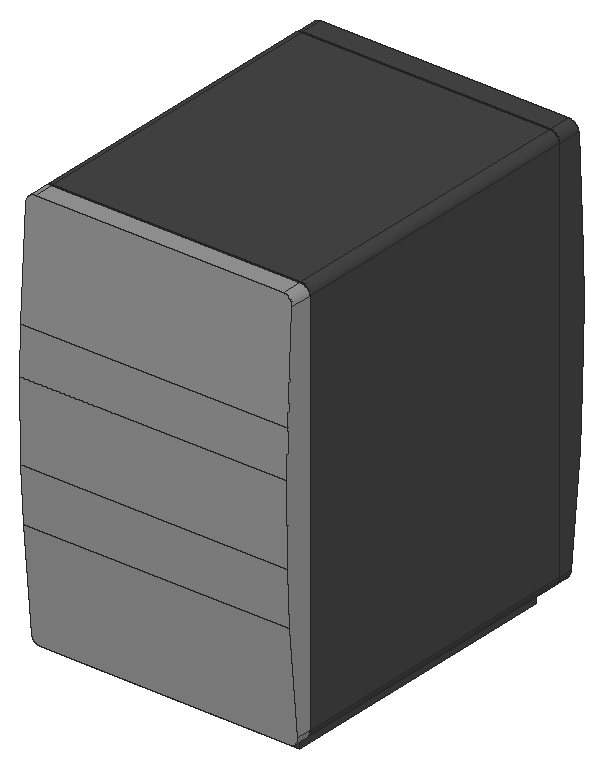
Revit family "Franke_Under_table_refrigerator_UT12_EC-A600_MS_EC_A600_FM_EC_A800_FM_EC(EU,CH,GB)", category Specialty Equipment, Revit 2015
Parameters (values of type "Under table refrigerator UT12 EC-A600 MS EC,A600 FM EC,A800 FM EC(220-240V/EU,CH,GB)")
  Volts max. = 240 V
  URL = "https://www.franke.com/main/en/cs/products/product-search.html"
  Depth (mm) = 475 mm
  Temperature range = "+ 3° to + 8°"
  Volts min. = 220 V
  Max Overcurrent Protection = "-"
  Cycle Alternative = 60 Hz
  Cycle = 50 Hz
  Model = "410880 - Under table refrigerator UT12 EC - A600 MS EC, A600 FM EC, A800 FM EC"
  Milk storage = "12 l"
  Current consumption = 0.72 A
  Cost = 0
  Height (mm) = 544 mm
  Manufacturer = "Franke"
  Energy loss acc. to DIN 18873 = "0.783 kWh/24 h - 230 V"
  Width (mm) = 340 mm
  Description = "key module Under table refrigerator UT12 for storage of cooled milk"
  Assembly Code = "key module Under table refrigerator UT12"
  Keynote = "key module Under table refrigerator UT12"
  Weight = "26 kg"
  Number of Poles = 1
  Number of Protective Conductors = "1"
  Number of Nutral Conductors = "1"
Reference planes
  plane 1 "Mitte (Vorne/Hinten)": y = 0
  plane 2: z = 0
  plane 3 "Mitte (Links/Rechts)": x = 0
Forms (mm)
  Extrusion 1, solid, material "Franke Black"
    sketch origin (0, 0, -42) x (1, 0, 0) y (0, 0, 1)
      loop
        arc (-170, 78) -> (-166.485, 69.515) -> (-158, 66) r 12
        line (-158, 66) -> (158, 66)
        arc (158, 66) -> (166.485, 69.515) -> (170, 78) r 12
        line (170, 78) -> (170, 574)
        arc (170, 574) -> (166.485, 582.485) -> (158, 586) r 12
        line (158, 586) -> (-158, 586)
        arc (-158, 586) -> (-166.485, 582.485) -> (-170, 574) r 12
        line (-170, 574) -> (-170, 78)
    from -198.03 to 198.03
  Extrusion 2, solid, material "Franke Black"
    sketch origin (0, 0, -42) x (0, 1, 0) y (0, 0, 1)
      loop
        line (186.97, 66) -> (-188.03, 66) -> (-188.03, 46) -> (186.97, 46) -> (186.97, 66)
    from -149 to 149
  Extrusion 3, solid, material "Franke Black"
    sketch origin (0, 0, -42) x (1, 0, 0) y (0, 1, 0)
      loop
        line (-139, 119.911) -> (-139, 96.511) -> (-120.3, 96.511) -> (-120.3, 119.911) -> (-139, 119.911)
      loop
        line (120.3, 119.911) -> (120.3, 96.511) -> (139, 96.511) -> (139, 119.911) -> (120.3, 119.911)
      loop
        line (120.3, -95.689) -> (120.3, -119.089) -> (139, -119.089) -> (139, -95.689) -> (120.3, -95.689)
      loop
        line (-139, -95.689) -> (-139, -119.089) -> (-120.3, -119.089) -> (-120.3, -95.689) -> (-139, -95.689)
    from 42 to 46
  Extrusion 4, void
    sketch origin (0, 0, -42) x (1, 0, 0) y (0, 1, 0)
      loop
        circle (-127.5, 166.47) r 16
      loop
        circle (-127.5, -166.13) r 16
      loop
        circle (127.5, 166.47) r 16
      loop
        circle (127.5, -166.13) r 16
    from 16.904 to 51
  Extrusion 5, solid, material "Franke Anthracite"
    sketch origin (0, 0, -42) x (0, 1, 0) y (0, 0, 1)
      loop
        line (-199.53, 586) -> (-226.03, 586)
        arc (-226.03, 586) -> (-230.938, 512.688) -> (-234.804, 439.314) r 5166.525
        arc (-234.804, 439.314) -> (-235.718, 409.388) -> (-235.736, 379.448) r 1000
        arc (-235.736, 379.448) -> (-234.928, 328.403) -> (-233.97, 277.36) r 17389.365
        arc (-233.97, 277.36) -> (-232.66, 242.583) -> (-230.141, 207.872) r 1000
        arc (-230.141, 207.872) -> (-223.415, 136.903) -> (-216.03, 66) r 7668.804
        line (-216.03, 66) -> (-199.53, 66) -> (-199.53, 586)
    from -170 to 170
  Extrusion 6, solid, material "Franke Black"
    sketch origin (0, 0, -42) x (0, 1, 0) y (0, 0, 1)
      loop
        line (228.03, 586) -> (199.53, 586) -> (199.53, 66) -> (216.03, 66)
        arc (216.03, 66) -> (223.625, 137.651) -> (230.787, 209.347) r 11934.303
        arc (230.787, 209.347) -> (233.53, 243.904) -> (235.074, 278.535) r 1000
        arc (235.074, 278.535) -> (236.278, 326.896) -> (237.256, 375.262) r 10374.963
        arc (237.256, 375.262) -> (237.334, 405.934) -> (236.472, 436.595) r 1000
        arc (236.472, 436.595) -> (232.736, 511.325) -> (228.03, 586) r 5764.394
    from -170 to 170
  Extrusion 7, solid, material "Franke Black"
    sketch origin (0, 0, -42) x (1, 0, 0) y (0, 0, 1)
      loop
        line (-120, 576) -> (-120, 66) -> (120, 66) -> (120, 576) -> (-120, 576)
    from 198.03 to 199.53
  Extrusion 8, solid, material "Franke Black"
    sketch origin (0, 397.56, -42) x (1, 0, 0) y (0, 0, 1)
      loop
        line (-120, 576) -> (-120, 66) -> (120, 66) -> (120, 576) -> (-120, 576)
    from 198.03 to 199.53
  Extrusion 9, void
    sketch origin (0, 0, -42) x (1, 0, 0) y (0, 0, 1)
      loop
        line (-158, 586) -> (-158, 596) -> (-180, 596) -> (-180, 574) -> (-170, 574)
        arc (-170, 574) -> (-166.485, 582.485) -> (-158, 586) r 12
      loop
        arc (158, 586) -> (166.485, 582.485) -> (170, 574) r 12
        line (170, 574) -> (180, 574) -> (180, 596) -> (158, 596) -> (158, 586)
      loop
        arc (-158, 66) -> (-166.485, 69.515) -> (-170, 78) r 12
        line (-170, 78) -> (-180, 78) -> (-180, 56) -> (-158, 56) -> (-158, 66)
      loop
        line (158, 66) -> (158, 56) -> (180, 56) -> (180, 78) -> (170, 78)
        arc (170, 78) -> (166.485, 69.515) -> (158, 66) r 12
    from -296.752 to 350.669
  Extrusion 10, solid
    sketch origin (0, 0, 0) x (1, 0, 0) y (0, 1, 0)
      loop
        circle (0, 140.802) r 2.5
    from 0 to 4
Cuts and joins
  Extrusion 4 cuts Extrusion 2
  Extrusion 9 cuts Extrusion 5
  Extrusion 9 cuts Extrusion 6
Dimensions and locks
  aligned and locked: level to plane 2
Connectors
  electrical at (0, 140.802, 0), driven by "Volts min.", driven by "Number of Poles"
    settings: on Extrusion 10, index 1, voltage 220 V, apparent load 0 VA, apparent load phase1 0 VA, apparent load phase2 0 VA, apparent load phase3 0 VA, power factor 1, load classification "Strom", number of poles 1, system type 31, power factor state 1, is connector primary yes, connector utility no, sub classification motor no, connector description ""
